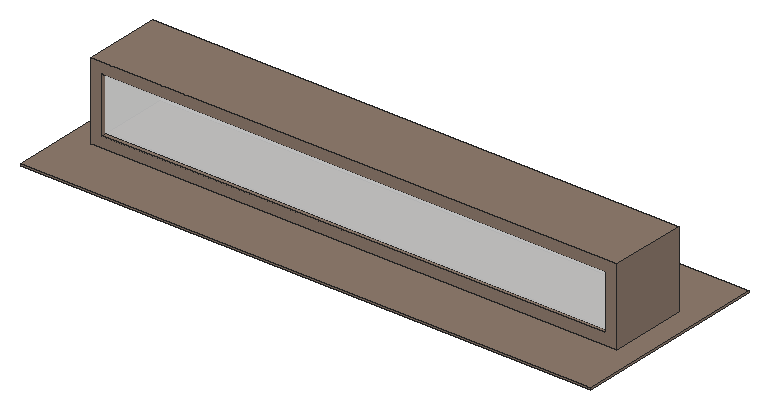
Revit family "3-532-xx - 37-532-xx - Alcor (Wall Sconce)", category Lighting Fixtures, host Face, Revit 2018
Family settings
  Host = Face
  Round Connector Dimension = Use Diameter
  Part Type = Normal
  Cut with Voids When Loaded = No
  Light Source = Yes
  Shared = No
  Room Calculation Point = No
Parameters (values of type "3-532-22 / 37-532-22 - Alcor")
  Wattage Comments = "15.2 W at 120 V"  # constant formula
  Wattage = 15.2 W
  built-in parameter 1150110 = 1 (stored number, unit not read)
  Voltage Input [instance] = "120 V or 277 V 50/60Hz"  # constant formula
  URL = "www.oxygenlighting.com"
  built-in parameter 1114217 = 1 (stored number, unit not read)
  Tilt Angle = 90.00°  # constant formula
  built-in parameter 1150109 = 1 (stored number, unit not read)
  built-in parameter 1150134 = (empty or 0)
  built-in parameter 1150113 = 1 (stored number, unit not read)
  Photometric Web File = "3-532-xx Alcor .ies"
  Other = none
  References [instance] = "Ref. 3 = 120V / Ref. 37 = 277 V"  # constant formula
  Model = "3-532-xx / 37-532-xx - Alcor"  # constant formula
  Metal Finish = 22- Oiled Bronze
  Manufacturer = "Oxygen Lighting & Fans"  # constant formula
  built-in parameter 1150105 = 30.844 (stored number, unit not read)
  Lumens = 387.6 lm
  built-in parameter 1150115 = 1 (stored number, unit not read)
  built-in parameter 1150137 = (empty or 0)
  built-in parameter 1150139 = (empty or 0)
  built-in parameter 1150112 = 1 (stored number, unit not read)
  built-in parameter 1150114 = 1 (stored number, unit not read)
  Lamp = "LED Array"  # constant formula
  built-in parameter 1150132 = (empty or 0)
  built-in parameter 1150102 = (empty or 0)
  built-in parameter 1150107 = 3000 (stored number, unit not read)
  built-in parameter 1150138 = (empty or 0)
  built-in parameter 1150106 = 0.30844 (stored number, unit not read)
  Emit from Rectangle Width = 11.00"  # constant formula
  built-in parameter 1150128 = 1.00"  # constant formula
  Emit Shape Visible in Rendering = no
  built-in parameter 1150104 = 2.369 (stored number, unit not read)
  Dimming Lamp Color Temperature Shift = <None>
  Diffuser = Matte White Acrylic
  Default Elevation = 0.00"
  Color Filter = 16777215
  Emit from Rectangle Length = 12.00"
  built-in parameter 1150133 = 10 (stored number, unit not read)
Types (4): name | Metal Finish
  (no name) | 22- Oiled Bronze
  3-532-22 / 37-532-22 - Alcor | 22- Oiled Bronze
  3-532-24 / 37-532-24 - Alcor | 24 - Satin Nickel
  3-532-40 / 37-532-40 - Alcor | 40 - Aged Brass
Reference planes (in)
  plane 1 "Center (Front/Back)": y = 0
  plane 2: z = 0
  plane 3 "Center (Left/Right)": x = 0
Dimensions and locks (in)
  aligned and locked: plane 2 to host face
  aligned and locked: level to host face
Nested families (in)
  nested 1: "3-532 Alcor" at (0, 0, 0), type "3-532 Alcor"
Definition of nested family "3-532 Alcor"
  Parameters (values of type "3-532 Alcor")
    Others 2 = none
    Others 1 = none
    Metal Finish = none
    Main Diffuser = none
    Diffuser = none
    2nd Diffuser = none
  Reference planes (in)
    plane 1 "Center (Front/Back)": y = 0
    plane 2: z = 0
    plane 3 "Center (Left/Right)": x = 0
    plane 4: y = 2.25
  Forms (in)
    Extrusion 1, solid, material <- "Metal Finish"
      sketch origin (-1, 45.35433, 0.915) x (-1, 0, 0) y (0, 0, -1)
        loop
          line (-7.5, 0.915) -> (-7.5, 0.875) -> (5.5, 0.875) -> (5.5, 0.915) -> (-7.5, 0.915)
      from 43.10433 to 47.60433
    Extrusion 2, solid, material <- "Metal Finish"
      sketch origin (-4.92126, 80, -2.95276) x (1, 0, 0) y (0, 0, 1)
        loop
          line (-1.06348, 4.74276) -> (-1.06348, 2.99276) -> (10.93652, 2.99276) -> (10.93652, 4.74276) -> (-1.06348, 4.74276)
        loop
          line (10.68652, 3.24276) -> (10.68652, 4.49276) -> (-0.81348, 4.49276) -> (-0.81348, 3.24276) -> (10.68652, 3.24276)
      from 79.12995 to 80.87905
    Extrusion 3, solid, material <- "Diffuser"
      sketch origin (-4.92126, 80, -2.95276) x (1, 0, 0) y (0, 0, 1)
        loop
          line (-0.81348, 4.49276) -> (-0.81348, 3.24276) -> (10.68652, 3.24276) -> (10.68652, 4.49276) -> (-0.81348, 4.49276)
      from 80.75439 to 80.79587
    Extrusion 4, solid, material <- "Diffuser"
      sketch origin (-4.92126, 80, -2.95276) x (1, 0, 0) y (0, 0, 1)
        loop
          line (-0.81348, 4.49276) -> (-0.81348, 3.24276) -> (10.68652, 3.24276) -> (10.68652, 4.49276) -> (-0.81348, 4.49276)
      from 79.21119 to 79.24779
  Lines and regions (in)
    model lines
      curve 1: line (-4, 0, 0) -> (4, 0, 0)
      curve 2: line (0, -4, 0) -> (0, 4, 0)
    symbolic lines
      curve 3: circle (0, 0, 0) r 2 normal (0, 0, 1)
    model lines, not visible
      curve 4: line (-13.0722, 21.77075, 0) -> (-5.0722, 21.77075, 0)
      curve 5: line (-9.0722, 17.77075, 0) -> (-9.0722, 25.77075, 0)
    symbolic lines, not visible
      curve 6: circle (-9.0722, 21.77075, 0) r 2 normal (0, 0, 1)
  Text (in)
    text "M.C." at (0.88973, 1.62995, 0), in view "Ref. Level"
    text "M.C." at (-8.18247, 23.4007, 0), in view "Ref. Level", not visible
  Dimensions and locks (in)
    aligned and locked: plane 2 to level
    aligned and locked: Extrusion 3 sketch curve to Extrusion 2  (x4)
